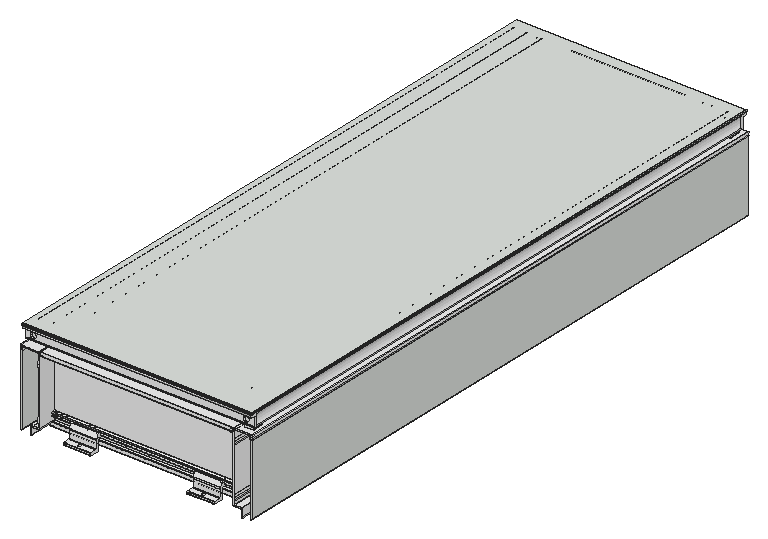
Revit family "Furniture-Mirror_Cabinet-KOHLER-VERDERA-K-26382T_1", category Casework, host Face, Revit 2021
Family settings
  Host = Face
  OmniClass Number = 23.21.23.17.11
  OmniClass Title = Residential Cabinet
  Cut with Voids When Loaded = No
  Shared = No
  Room Calculation Point = No
Parameters (values of type "NA-Mild Silver")
  Width = 11 13/16"  # constant formula
  WaterSense Certified = 1 = 0  # no
  URL = "http://www.kohler.com.cn/"
  Type = 1
  Product Page URL = "https://www.kohler.com.cn/product/K-26382T-NA/K-26382T-NA/"
  Product Name = "Verdera"  # constant formula
  Product Documentation Link = "https://files.kohler.com.cn/pdfs/1604632419058_%E6%96%B0%E7%BB%B4%E4%B9%902.0%E9%95%9C%E6%9F%9C%E9%93%B6%E8%89%B2%E7%89%88%E5%AE%89%E8%A3%85%E8%AF%B4%E6%98%8E%E4%B9%A6.pdf"
  Model = if(Type = 1, "K-26382T-NA", "NA")  # "K-26382T-NA"
  Material = "Aluminium"  # constant formula
  Master Format 2014 Name = "Bathroom Casework"  # constant formula
  Master Format 2014 = "12 35 30.23"  # constant formula
  Manufacturer Address = "Kohler Beijing Office (100016) 36-2-03-B, No. 88, Liuxiang Road, Beijing"  # constant formula
  Manufacturer = "Kohler Co."  # constant formula
  Product Finish = KOHLER-Metal-NA-Mild_Silver
  Height = 31 127/256"  # constant formula
  Hardware Included = 0 = 1  # no
  Finish = "KOHLER-Metal-NA-Mild_Silver"  # constant formula
  Environmental Product Declaration = ""
  Description = "2.0 Mirror Cabinet (300MM, Silver, Side Cabinet)"  # constant formula
  Depth = 4 237/256"  # constant formula
  Default Elevation = 60"
  Declare Label = ""
  Date Modified = "07/27/2022"  # constant formula
  Date Created = "07/27/2022"  # constant formula
  Copyright = "Copyright Kohler Co."  # constant formula
  Contact Us = "http://www.kohler.com.cn/contact/contact-us/"
  Construction Type = "Wall Mount"  # constant formula
  Assembly Code = "E2010.30"
  ADA Compliant = 1 = 0  # no
Reference planes (in)
  plane 1 "Center (Front/Back)": y = 0
  plane 2: z = 0
  plane 3 "Center (Left/Right)": x = 0
  plane 4: y = 15.74803
  plane 5: y = -15.74806
  plane 6: x = -5.90551
  plane 7: x = 5.90699
  plane 8: x = -5.84646
  plane 9: x = 5.84646
  plane 10: x = 5.90551
  plane 11: z = 4.92578
  plane 12: z = 3.35236
  plane 13: z = 0.22632
  plane 14: z = 0.08467
  plane 15: z = 3.94291
Dimensions and locks (in)
  "Height": plane 4 to plane 5
  "Width": plane 6 to plane 7
  plane 11 to plane 13 = 4.69946"
  "Depth": plane 11 to level
  aligned and locked: plane 2 to host face
  aligned and locked: level to host face
Automatic sketch dimensions
  host sketch curve to host sketch curve = 96"  (x2)
Nested families (in)
  nested 1: "K-26382T" at (0, 0, 0), type "K-26382T"
Definition of nested family "K-26382T"
  Parameters
    Material = none
    Default Elevation = 0"
  Reference planes (in)
    plane 1 "Center (Front/Back)": y = 0
    plane 2: z = 0
    plane 3 "Center (Left/Right)": x = 0
    plane 4: y = 15.74803
    plane 5: y = -15.74803
    plane 6: x = 5.90551
    plane 7: x = -5.90551
    plane 8: z = 4.92717
    plane 9: x = -5.7874
    plane 10: x = 5.7874
    plane 11 "A": z = 3.35236
  Forms (in)
    Extrusion 1, solid
      sketch origin (0, 0, 0) x (1, 0, 0) y (0, 0, 1)
        loop
          line (5.84646, 4.84055) -> (5.84646, 4.89567) -> (-5.84646, 4.89567) -> (-5.84646, 4.84055) -> (5.84646, 4.84055)
      from -15.74803 to 15.74803
    Blend 2, solid
      base sketch origin (0, 0, 0) x (1, 0, 0) y (0, 1, 0)
        loop
          line (-5.84646, 15.74803) -> (-5.84646, -15.74803) -> (5.84646, -15.74803) -> (5.84646, 15.74803) -> (-5.84646, 15.74803)
      top sketch origin (0, 0, 0) x (1, 0, 0) y (0, 1, 0)
        loop
          line (-5.81496, 15.71654) -> (-5.81496, -15.71654) -> (5.81496, -15.71654) -> (5.81496, 15.71654) -> (-5.81496, 15.71654)
      from 4.89567 to 4.92717
    Blend 3, solid
      base sketch origin (0, 0, 0) x (1, 0, 0) y (0, 1, 0)
        loop
          line (-5.84646, 15.74803) -> (-5.84646, -15.74803) -> (5.84646, -15.74803) -> (5.84646, 15.74803) -> (-5.84646, 15.74803)
      top sketch origin (0, 0, 0) x (1, 0, 0) y (0, 1, 0)
        loop
          line (-5.81496, 15.71654) -> (-5.81496, -15.71654) -> (5.81496, -15.71654) -> (5.81496, 15.71654) -> (-5.81496, 15.71654)
      from 4.84055 to 4.80906
    Extrusion 4, solid, material <- "Material", detail levels medium+fine
      sketch origin (0, 0, 3.94291) x (0, 1, 0) y (0, 0, 1)
        loop
          line (-15.41339, 0.83465) -> (-15.66201, 0.83465)
          arc (-15.66201, 0.83465) -> (-15.71122, 0.78543) -> (-15.66201, 0.73622) r 0.04921
          line (-15.66201, 0.73622) -> (-15.54967, 0.73622)
          arc (-15.54967, 0.73622) -> (-15.5229, 0.72513) -> (-15.51181, 0.69837) r 0.03785
          line (-15.51181, 0.69837) -> (-15.51181, 0.2521)
          arc (-15.51181, 0.2521) -> (-15.4626, 0.20289) -> (-15.41339, 0.2521) r 0.04921
          line (-15.41339, 0.2521) -> (-15.41339, 0.83465)
        loop
          line (15.41339, 0.83465) -> (15.41339, 0.2521)
          arc (15.41339, 0.2521) -> (15.4626, 0.20289) -> (15.51181, 0.2521) r 0.04921
          line (15.51181, 0.2521) -> (15.51181, 0.69837)
          arc (15.51181, 0.69837) -> (15.5229, 0.72513) -> (15.54967, 0.73622) r 0.03785
          line (15.54967, 0.73622) -> (15.66201, 0.73622)
          arc (15.66201, 0.73622) -> (15.71122, 0.78543) -> (15.66201, 0.83465) r 0.04921
          line (15.66201, 0.83465) -> (15.41339, 0.83465)
      from -5.80709 to 5.80709
    Extrusion 5, solid, material <- "Material", detail levels medium+fine
      sketch origin (0, 0, 0) x (1, 0, 0) y (0, 0, 1)
        loop
          line (-5.84252, 3.87992) -> (-5.00455, 3.87992)
          arc (-5.00455, 3.87992) -> (-4.9902, 3.87398) -> (-4.98425, 3.85962) r 0.0203
          line (-4.98425, 3.85962) -> (-4.98425, 3.50394) -> (-4.99606, 3.47149) -> (-4.99606, 3.36024) -> (-4.96575, 3.35268) -> (-4.99606, 3.34449) -> (-4.99606, 3.23324) -> (-4.98425, 3.20079) -> (-4.98425, 0.94488) -> (-4.99606, 0.91243) -> (-4.99606, 0.80118) -> (-4.96623, 0.79374) -> (-4.99606, 0.78543) -> (-4.99606, 0.67418) -> (-4.98425, 0.64173) -> (-4.98425, 0.48438)
          arc (-4.98425, 0.48438) -> (-4.99063, 0.46898) -> (-5.00603, 0.4626) r 0.02178
          line (-5.00603, 0.4626) -> (-5.37231, 0.4626)
          arc (-5.37231, 0.4626) -> (-5.38744, 0.45633) -> (-5.3937, 0.44121) r 0.02139
          line (-5.3937, 0.44121) -> (-5.3937, 0.03674)
          arc (-5.3937, 0.03674) -> (-5.3622, 0.00524) -> (-5.33071, 0.03674) r 0.0315
          line (-5.33071, 0.03674) -> (-5.33071, 0.37922)
          arc (-5.33071, 0.37922) -> (-5.32474, 0.39363) -> (-5.31032, 0.39961) r 0.02039
          line (-5.31032, 0.39961) -> (-4.94184, 0.39961)
          arc (-4.94184, 0.39961) -> (-4.92729, 0.40563) -> (-4.92126, 0.42018) r 0.02058
          line (-4.92126, 0.42018) -> (-4.92126, 3.92223)
          arc (-4.92126, 3.92223) -> (-4.92732, 3.93686) -> (-4.94194, 3.94291) r 0.02068
          line (-4.94194, 3.94291) -> (-5.8855, 3.94291)
          arc (-5.8855, 3.94291) -> (-5.89965, 3.93705) -> (-5.90551, 3.9229) r 0.02001
          line (-5.90551, 3.9229) -> (-5.90551, 3.76605)
          arc (-5.90551, 3.76605) -> (-5.89966, 3.75192) -> (-5.88552, 3.74606) r 0.01999
          line (-5.88552, 3.74606) -> (-5.78705, 3.74606)
          arc (-5.78705, 3.74606) -> (-5.75555, 3.77756) -> (-5.78705, 3.80906) r 0.0315
          line (-5.78705, 3.80906) -> (-5.82052, 3.80906)
          arc (-5.82052, 3.80906) -> (-5.83608, 3.8155) -> (-5.84252, 3.83105) r 0.022
          line (-5.84252, 3.83105) -> (-5.84252, 3.87992)
        loop
          line (5.84252, 3.87992) -> (5.84252, 3.83105)
          arc (5.84252, 3.83105) -> (5.83608, 3.8155) -> (5.82052, 3.80906) r 0.022
          line (5.82052, 3.80906) -> (5.78705, 3.80906)
          arc (5.78705, 3.80906) -> (5.75555, 3.77756) -> (5.78705, 3.74606) r 0.0315
          line (5.78705, 3.74606) -> (5.88552, 3.74606)
          arc (5.88552, 3.74606) -> (5.89966, 3.75192) -> (5.90551, 3.76605) r 0.01999
          line (5.90551, 3.76605) -> (5.90551, 3.9229)
          arc (5.90551, 3.9229) -> (5.89965, 3.93705) -> (5.8855, 3.94291) r 0.02001
          line (5.8855, 3.94291) -> (4.94194, 3.94291)
          arc (4.94194, 3.94291) -> (4.92732, 3.93686) -> (4.92126, 3.92223) r 0.02068
          line (4.92126, 3.92223) -> (4.92126, 0.42018)
          arc (4.92126, 0.42018) -> (4.92729, 0.40563) -> (4.94184, 0.39961) r 0.02058
          line (4.94184, 0.39961) -> (5.31032, 0.39961)
          arc (5.31032, 0.39961) -> (5.32474, 0.39363) -> (5.33071, 0.37922) r 0.02039
          line (5.33071, 0.37922) -> (5.33071, 0.03674)
          arc (5.33071, 0.03674) -> (5.3622, 0.00524) -> (5.3937, 0.03674) r 0.0315
          line (5.3937, 0.03674) -> (5.3937, 0.44121)
          arc (5.3937, 0.44121) -> (5.38744, 0.45633) -> (5.37231, 0.4626) r 0.02139
          line (5.37231, 0.4626) -> (5.00603, 0.4626)
          arc (5.00603, 0.4626) -> (4.99063, 0.46898) -> (4.98425, 0.48438) r 0.02178
          line (4.98425, 0.48438) -> (4.98425, 0.64173) -> (4.99606, 0.67418) -> (4.99606, 0.78543) -> (4.96623, 0.79374) -> (4.99606, 0.80118) -> (4.99606, 0.91243) -> (4.98425, 0.94488) -> (4.98425, 3.20079) -> (4.99606, 3.23324) -> (4.99606, 3.34449) -> (4.96575, 3.35268) -> (4.99606, 3.36024) -> (4.99606, 3.47149) -> (4.98425, 3.50394) -> (4.98425, 3.85962)
          arc (4.98425, 3.85962) -> (4.9902, 3.87398) -> (5.00455, 3.87992) r 0.0203
          line (5.00455, 3.87992) -> (5.84252, 3.87992)
      from -15.74803 to 15.74803
    Extrusion 6, solid
      sketch origin (0, 0, 0) x (1, 0, 0) y (0, 0, 1)
        loop
          line (-5.7874, 3.70669) -> (-5.82677, 3.74606) -> (-5.86614, 3.74606) -> (-5.90551, 3.70669) -> (-5.90551, 0.12402) -> (-5.86614, 0.08465) -> (-5.82677, 0.08465) -> (-5.7874, 0.12402) -> (-5.7874, 3.70669)
        loop
          line (5.7874, 3.70669) -> (5.7874, 0.12402) -> (5.82677, 0.08465) -> (5.86614, 0.08465) -> (5.90551, 0.12402) -> (5.90551, 3.70669) -> (5.86614, 3.74606) -> (5.82677, 3.74606) -> (5.7874, 3.70669)
      from -15.74803 to 15.74803
    Extrusion 7, solid, material <- "Material", detail levels medium+fine
      sketch origin (0, 0, 0) x (1, 0, 0) y (0, 0, 1)
        loop
          line (5.77688, 4.77756) -> (3.89862, 4.77756)
          arc (3.89862, 4.77756) -> (3.88401, 4.77151) -> (3.87795, 4.75689) r 0.02067
          line (3.87795, 4.75689) -> (3.87795, 4.31825)
          arc (3.87795, 4.31825) -> (3.8841, 4.3034) -> (3.89896, 4.29724) r 0.021
          line (3.89896, 4.29724) -> (4.28553, 4.29724)
          arc (4.28553, 4.29724) -> (4.29938, 4.29151) -> (4.30512, 4.27765) r 0.01959
          line (4.30512, 4.27765) -> (4.30512, 4.16778)
          arc (4.30512, 4.16778) -> (4.31102, 4.15354) -> (4.32526, 4.14764) r 0.02014
          line (4.32526, 4.14764) -> (4.46993, 4.14764)
          arc (4.46993, 4.14764) -> (4.49552, 4.17323) -> (4.46993, 4.19882) r 0.02559
          line (4.46993, 4.19882) -> (4.37689, 4.19882)
          arc (4.37689, 4.19882) -> (4.36233, 4.20485) -> (4.3563, 4.21941) r 0.02059
          line (4.3563, 4.21941) -> (4.3563, 4.70676)
          arc (4.3563, 4.70676) -> (4.36205, 4.72063) -> (4.37592, 4.72638) r 0.01962
          line (4.37592, 4.72638) -> (4.49775, 4.72638)
          arc (4.49775, 4.72638) -> (4.51187, 4.72053) -> (4.51772, 4.70641) r 0.01997
          line (4.51772, 4.70641) -> (4.51772, 4.53005)
          arc (4.51772, 4.53005) -> (4.55709, 4.49068) -> (4.59646, 4.53005) r 0.03937
          line (4.59646, 4.53005) -> (4.59646, 4.70484)
          arc (4.59646, 4.70484) -> (4.60276, 4.72007) -> (4.61799, 4.72638) r 0.02154
          line (4.61799, 4.72638) -> (5.04866, 4.72638)
          arc (5.04866, 4.72638) -> (5.06297, 4.72045) -> (5.0689, 4.70614) r 0.02024
          line (5.0689, 4.70614) -> (5.0689, 4.5245)
          arc (5.0689, 4.5245) -> (5.10827, 4.48513) -> (5.14764, 4.5245) r 0.03937
          line (5.14764, 4.5245) -> (5.14764, 4.70519)
          arc (5.14764, 4.70519) -> (5.15384, 4.72017) -> (5.16882, 4.72638) r 0.02119
          line (5.16882, 4.72638) -> (5.2839, 4.72638)
          arc (5.2839, 4.72638) -> (5.2989, 4.72016) -> (5.30512, 4.70516) r 0.02122
          line (5.30512, 4.70516) -> (5.30512, 4.21893)
          arc (5.30512, 4.21893) -> (5.29923, 4.20471) -> (5.28501, 4.19882) r 0.02011
          line (5.28501, 4.19882) -> (4.87343, 4.19882)
          arc (4.87343, 4.19882) -> (4.84784, 4.17323) -> (4.87343, 4.14764) r 0.02559
          line (4.87343, 4.14764) -> (5.77636, 4.14764)
          arc (5.77636, 4.14764) -> (5.80287, 4.16248) -> (5.80408, 4.19284) r 0.0311
          arc (5.80408, 4.19284) -> (5.73936, 4.46285) -> (5.8043, 4.7328) r 0.59461
          arc (5.8043, 4.7328) -> (5.80313, 4.76286) -> (5.77688, 4.77756) r 0.03078
        loop
          arc (5.3563, 4.52348) -> (5.36386, 4.50846) -> (5.38044, 4.5056) r 0.01869
          arc (5.38044, 4.5056) -> (5.43658, 4.50767) -> (5.4864, 4.48171) r 0.10984
          arc (5.4864, 4.48171) -> (5.48786, 4.44702) -> (5.45316, 4.44586) r 0.02445
          arc (5.45316, 4.44586) -> (5.35437, 4.40304) -> (5.45343, 4.36083) r 0.0586
          arc (5.45343, 4.36083) -> (5.48647, 4.36036) -> (5.48658, 4.32731) r 0.02358
          arc (5.48658, 4.32731) -> (5.43853, 4.29979) -> (5.38319, 4.30174) r 0.10104
          arc (5.38319, 4.30174) -> (5.36476, 4.2988) -> (5.3563, 4.28218) r 0.02056
          line (5.3563, 4.28218) -> (5.3563, 4.21926)
          arc (5.3563, 4.21926) -> (5.36229, 4.20481) -> (5.37674, 4.19882) r 0.02044
          line (5.37674, 4.19882) -> (5.71837, 4.19882)
          arc (5.71837, 4.19882) -> (5.73411, 4.20727) -> (5.73576, 4.22506) r 0.01888
          arc (5.73576, 4.22506) -> (5.68774, 4.46077) -> (5.73511, 4.69662) r 0.60669
          arc (5.73511, 4.69662) -> (5.7332, 4.7168) -> (5.71534, 4.72638) r 0.02145
          line (5.71534, 4.72638) -> (5.37743, 4.72638)
          arc (5.37743, 4.72638) -> (5.36249, 4.72019) -> (5.3563, 4.70525) r 0.02113
          line (5.3563, 4.70525) -> (5.3563, 4.52348)
        loop
          arc (3.94892, 4.72638) -> (3.93493, 4.72058) -> (3.92913, 4.7066) r 0.01978
          line (3.92913, 4.7066) -> (3.92913, 4.52558)
          arc (3.92913, 4.52558) -> (3.94106, 4.50549) -> (3.9644, 4.50635) r 0.02287
          arc (3.9644, 4.50635) -> (3.99208, 4.50818) -> (4.00829, 4.48566) r 0.0286
          arc (4.00829, 4.48566) -> (4.00328, 4.47) -> (3.98817, 4.46351) r 0.01983
          arc (3.98817, 4.46351) -> (3.9424, 4.36054) -> (4.04786, 4.40023) r 0.06108
          arc (4.04786, 4.40023) -> (4.0826, 4.4255) -> (4.09889, 4.38575) r 0.0273
          arc (4.09889, 4.38575) -> (4.09902, 4.36084) -> (4.12061, 4.34843) r 0.02499
          line (4.12061, 4.34843) -> (4.28358, 4.34843)
          arc (4.28358, 4.34843) -> (4.29881, 4.35473) -> (4.30512, 4.36996) r 0.02153
          line (4.30512, 4.36996) -> (4.30512, 4.70516)
          arc (4.30512, 4.70516) -> (4.2989, 4.72016) -> (4.2839, 4.72638) r 0.02121
          line (4.2839, 4.72638) -> (3.94892, 4.72638)
        loop
          arc (-5.77688, 4.77756) -> (-5.80313, 4.76286) -> (-5.8043, 4.7328) r 0.03078
          arc (-5.8043, 4.7328) -> (-5.73936, 4.46285) -> (-5.80408, 4.19284) r 0.59461
          arc (-5.80408, 4.19284) -> (-5.80287, 4.16248) -> (-5.77636, 4.14764) r 0.0311
          line (-5.77636, 4.14764) -> (-4.87343, 4.14764)
          arc (-4.87343, 4.14764) -> (-4.84784, 4.17323) -> (-4.87343, 4.19882) r 0.02559
          line (-4.87343, 4.19882) -> (-5.28501, 4.19882)
          arc (-5.28501, 4.19882) -> (-5.29923, 4.20471) -> (-5.30512, 4.21893) r 0.02011
          line (-5.30512, 4.21893) -> (-5.30512, 4.70516)
          arc (-5.30512, 4.70516) -> (-5.2989, 4.72016) -> (-5.2839, 4.72638) r 0.02122
          line (-5.2839, 4.72638) -> (-5.16882, 4.72638)
          arc (-5.16882, 4.72638) -> (-5.15384, 4.72017) -> (-5.14764, 4.70519) r 0.02119
          line (-5.14764, 4.70519) -> (-5.14764, 4.5245)
          arc (-5.14764, 4.5245) -> (-5.10827, 4.48513) -> (-5.0689, 4.5245) r 0.03937
          line (-5.0689, 4.5245) -> (-5.0689, 4.70614)
          arc (-5.0689, 4.70614) -> (-5.06297, 4.72045) -> (-5.04866, 4.72638) r 0.02024
          line (-5.04866, 4.72638) -> (-4.61799, 4.72638)
          arc (-4.61799, 4.72638) -> (-4.60276, 4.72007) -> (-4.59646, 4.70484) r 0.02154
          line (-4.59646, 4.70484) -> (-4.59646, 4.53005)
          arc (-4.59646, 4.53005) -> (-4.55709, 4.49068) -> (-4.51772, 4.53005) r 0.03937
          line (-4.51772, 4.53005) -> (-4.51772, 4.70641)
          arc (-4.51772, 4.70641) -> (-4.51187, 4.72053) -> (-4.49775, 4.72638) r 0.01997
          line (-4.49775, 4.72638) -> (-4.37592, 4.72638)
          arc (-4.37592, 4.72638) -> (-4.36205, 4.72063) -> (-4.3563, 4.70676) r 0.01962
          line (-4.3563, 4.70676) -> (-4.3563, 4.21941)
          arc (-4.3563, 4.21941) -> (-4.36233, 4.20485) -> (-4.37689, 4.19882) r 0.02059
          line (-4.37689, 4.19882) -> (-4.46993, 4.19882)
          arc (-4.46993, 4.19882) -> (-4.49552, 4.17323) -> (-4.46993, 4.14764) r 0.02559
          line (-4.46993, 4.14764) -> (-4.32526, 4.14764)
          arc (-4.32526, 4.14764) -> (-4.31102, 4.15354) -> (-4.30512, 4.16778) r 0.02014
          line (-4.30512, 4.16778) -> (-4.30512, 4.27765)
          arc (-4.30512, 4.27765) -> (-4.29938, 4.29151) -> (-4.28553, 4.29724) r 0.01959
          line (-4.28553, 4.29724) -> (-3.89896, 4.29724)
          arc (-3.89896, 4.29724) -> (-3.8841, 4.3034) -> (-3.87795, 4.31825) r 0.021
          line (-3.87795, 4.31825) -> (-3.87795, 4.75689)
          arc (-3.87795, 4.75689) -> (-3.88401, 4.77151) -> (-3.89862, 4.77756) r 0.02067
          line (-3.89862, 4.77756) -> (-5.77688, 4.77756)
        loop
          line (-5.3563, 4.52348) -> (-5.3563, 4.70525)
          arc (-5.3563, 4.70525) -> (-5.36249, 4.72019) -> (-5.37743, 4.72638) r 0.02113
          line (-5.37743, 4.72638) -> (-5.71534, 4.72638)
          arc (-5.71534, 4.72638) -> (-5.7332, 4.7168) -> (-5.73511, 4.69662) r 0.02145
          arc (-5.73511, 4.69662) -> (-5.68774, 4.46077) -> (-5.73576, 4.22506) r 0.60669
          arc (-5.73576, 4.22506) -> (-5.73411, 4.20727) -> (-5.71837, 4.19882) r 0.01888
          line (-5.71837, 4.19882) -> (-5.37674, 4.19882)
          arc (-5.37674, 4.19882) -> (-5.36229, 4.20481) -> (-5.3563, 4.21926) r 0.02044
          line (-5.3563, 4.21926) -> (-5.3563, 4.28218)
          arc (-5.3563, 4.28218) -> (-5.36476, 4.2988) -> (-5.38319, 4.30174) r 0.02056
          arc (-5.38319, 4.30174) -> (-5.43853, 4.29979) -> (-5.48658, 4.32731) r 0.10104
          arc (-5.48658, 4.32731) -> (-5.48647, 4.36036) -> (-5.45343, 4.36083) r 0.02358
          arc (-5.45343, 4.36083) -> (-5.35437, 4.40304) -> (-5.45316, 4.44586) r 0.0586
          arc (-5.45316, 4.44586) -> (-5.48786, 4.44702) -> (-5.4864, 4.48171) r 0.02445
          arc (-5.4864, 4.48171) -> (-5.43658, 4.50767) -> (-5.38044, 4.5056) r 0.10984
          arc (-5.38044, 4.5056) -> (-5.36386, 4.50846) -> (-5.3563, 4.52348) r 0.01869
        loop
          line (-3.94892, 4.72638) -> (-4.2839, 4.72638)
          arc (-4.2839, 4.72638) -> (-4.2989, 4.72016) -> (-4.30512, 4.70516) r 0.02121
          line (-4.30512, 4.70516) -> (-4.30512, 4.36996)
          arc (-4.30512, 4.36996) -> (-4.29881, 4.35473) -> (-4.28358, 4.34843) r 0.02153
          line (-4.28358, 4.34843) -> (-4.12061, 4.34843)
          arc (-4.12061, 4.34843) -> (-4.09902, 4.36084) -> (-4.09889, 4.38575) r 0.02499
          arc (-4.09889, 4.38575) -> (-4.0826, 4.4255) -> (-4.04786, 4.40023) r 0.0273
          arc (-4.04786, 4.40023) -> (-3.9424, 4.36054) -> (-3.98817, 4.46351) r 0.06108
          arc (-3.98817, 4.46351) -> (-4.00328, 4.47) -> (-4.00829, 4.48566) r 0.01983
          arc (-4.00829, 4.48566) -> (-3.99208, 4.50818) -> (-3.9644, 4.50635) r 0.0286
          arc (-3.9644, 4.50635) -> (-3.94106, 4.50549) -> (-3.92913, 4.52558) r 0.02287
          line (-3.92913, 4.52558) -> (-3.92913, 4.7066)
          arc (-3.92913, 4.7066) -> (-3.93493, 4.72058) -> (-3.94892, 4.72638) r 0.01978
      from -15.41339 to 15.3937
    Extrusion 8, solid, material <- "Material", detail levels medium+fine
      sketch origin (0, 0, 0) x (0, 1, 0) y (0, 0, 1)
        loop
          line (-15.41339, 4.77756) -> (-15.41339, 4.70669)
          arc (-15.41339, 4.70669) -> (-15.40055, 4.72354) -> (-15.37955, 4.72638) r 0.02768
          line (-15.37955, 4.72638) -> (-15.37955, 4.77756) -> (-15.41339, 4.77756)
        loop
          line (-15.41339, 4.36811) -> (-15.41339, 4.27756)
          arc (-15.41339, 4.27756) -> (-15.40445, 4.29472) -> (-15.38527, 4.29724) r 0.02095
          line (-15.38527, 4.29724) -> (-15.38527, 4.34843)
          arc (-15.38527, 4.34843) -> (-15.40445, 4.35095) -> (-15.41339, 4.36811) r 0.02095
        loop
          line (15.41339, 4.77756) -> (15.37955, 4.77756) -> (15.37955, 4.72638)
          arc (15.37955, 4.72638) -> (15.40055, 4.72354) -> (15.41339, 4.70669) r 0.02768
          line (15.41339, 4.70669) -> (15.41339, 4.77756)
        loop
          arc (15.41339, 4.36811) -> (15.40445, 4.35095) -> (15.38527, 4.34843) r 0.02095
          line (15.38527, 4.34843) -> (15.38527, 4.29724)
          arc (15.38527, 4.29724) -> (15.40445, 4.29472) -> (15.41339, 4.27756) r 0.02095
          line (15.41339, 4.27756) -> (15.41339, 4.36811)
      from -2.81496 to 3.72047
    Extrusion 9, solid, material <- "Material", detail levels medium+fine
      sketch origin (0, 0, 0) x (0, 1, 0) y (0, 0, 1)
        loop
          line (-14.82677, 3.85925) -> (-14.82677, 3.46888)
          arc (-14.82677, 3.46888) -> (-14.83776, 3.45059) -> (-14.85907, 3.45169) r 0.02072
          arc (-14.85907, 3.45169) -> (-14.93502, 3.47013) -> (-15.00465, 3.43464) r 0.11251
          arc (-15.00465, 3.43464) -> (-15.00363, 3.39447) -> (-14.96345, 3.39425) r 0.02886
          arc (-14.96345, 3.39425) -> (-14.86282, 3.35168) -> (-14.96296, 3.30796) r 0.05947
          arc (-14.96296, 3.30796) -> (-15.00361, 3.30679) -> (-15.00274, 3.26613) r 0.02886
          arc (-15.00274, 3.26613) -> (-14.93191, 3.23356) -> (-14.85623, 3.25224) r 0.11804
          arc (-14.85623, 3.25224) -> (-14.83675, 3.25304) -> (-14.82677, 3.23629) r 0.01905
          line (-14.82677, 3.23629) -> (-14.82677, 0.90852)
          arc (-14.82677, 0.90852) -> (-14.83675, 0.89177) -> (-14.85623, 0.89257) r 0.01905
          arc (-14.85623, 0.89257) -> (-14.93191, 0.91125) -> (-15.00274, 0.87868) r 0.11804
          arc (-15.00274, 0.87868) -> (-15.00361, 0.83802) -> (-14.96296, 0.83685) r 0.02886
          arc (-14.96296, 0.83685) -> (-14.86282, 0.79313) -> (-14.96345, 0.75056) r 0.05947
          arc (-14.96345, 0.75056) -> (-15.00363, 0.75034) -> (-15.00465, 0.71017) r 0.02886
          arc (-15.00465, 0.71017) -> (-14.93502, 0.67468) -> (-14.85907, 0.69312) r 0.11251
          arc (-14.85907, 0.69312) -> (-14.83776, 0.69422) -> (-14.82677, 0.67593) r 0.02072
          line (-14.82677, 0.67593) -> (-14.82677, 0.4626) -> (-15.01746, 0.4626)
          arc (-15.01746, 0.4626) -> (-15.03295, 0.45618) -> (-15.03937, 0.44068) r 0.02191
          line (-15.03937, 0.44068) -> (-15.03937, 0.26847)
          arc (-15.03937, 0.26847) -> (-15.00984, 0.23894) -> (-14.98031, 0.26847) r 0.02953
          line (-14.98031, 0.26847) -> (-14.98031, 0.37922)
          arc (-14.98031, 0.37922) -> (-14.97434, 0.39363) -> (-14.95993, 0.39961) r 0.02039
          line (-14.95993, 0.39961) -> (-14.51499, 0.39961)
          arc (-14.51499, 0.39961) -> (-14.48349, 0.4311) -> (-14.51499, 0.4626) r 0.0315
          line (-14.51499, 0.4626) -> (-14.74335, 0.4626)
          arc (-14.74335, 0.4626) -> (-14.7578, 0.46858) -> (-14.76378, 0.48302) r 0.02043
          line (-14.76378, 0.48302) -> (-14.76378, 3.92245)
          arc (-14.76378, 3.92245) -> (-14.76977, 3.93692) -> (-14.78425, 3.94291) r 0.02047
          line (-14.78425, 3.94291) -> (-15.72751, 3.94291)
          arc (-15.72751, 3.94291) -> (-15.74202, 3.9369) -> (-15.74803, 3.92239) r 0.02052
          line (-15.74803, 3.92239) -> (-15.74803, 3.76711)
          arc (-15.74803, 3.76711) -> (-15.74187, 3.75223) -> (-15.72698, 3.74606) r 0.02105
          line (-15.72698, 3.74606) -> (-15.62724, 3.74606)
          arc (-15.62724, 3.74606) -> (-15.59574, 3.77756) -> (-15.62724, 3.80906) r 0.0315
          line (-15.62724, 3.80906) -> (-15.66192, 3.80906)
          arc (-15.66192, 3.80906) -> (-15.69735, 3.84449) -> (-15.66192, 3.87992) r 0.03543
          line (-15.66192, 3.87992) -> (-14.84744, 3.87992)
          arc (-14.84744, 3.87992) -> (-14.83283, 3.87387) -> (-14.82677, 3.85925) r 0.02067
        loop
          arc (14.82677, 3.85925) -> (14.83283, 3.87387) -> (14.84744, 3.87992) r 0.02067
          line (14.84744, 3.87992) -> (15.66192, 3.87992)
          arc (15.66192, 3.87992) -> (15.69735, 3.84449) -> (15.66192, 3.80906) r 0.03543
          line (15.66192, 3.80906) -> (15.62724, 3.80906)
          arc (15.62724, 3.80906) -> (15.59574, 3.77756) -> (15.62724, 3.74606) r 0.0315
          line (15.62724, 3.74606) -> (15.72698, 3.74606)
          arc (15.72698, 3.74606) -> (15.74187, 3.75223) -> (15.74803, 3.76711) r 0.02105
          line (15.74803, 3.76711) -> (15.74803, 3.92239)
          arc (15.74803, 3.92239) -> (15.74202, 3.9369) -> (15.72751, 3.94291) r 0.02052
          line (15.72751, 3.94291) -> (14.78425, 3.94291)
          arc (14.78425, 3.94291) -> (14.76977, 3.93692) -> (14.76378, 3.92245) r 0.02047
          line (14.76378, 3.92245) -> (14.76378, 0.48302)
          arc (14.76378, 0.48302) -> (14.7578, 0.46858) -> (14.74335, 0.4626) r 0.02043
          line (14.74335, 0.4626) -> (14.51499, 0.4626)
          arc (14.51499, 0.4626) -> (14.48349, 0.4311) -> (14.51499, 0.39961) r 0.0315
          line (14.51499, 0.39961) -> (14.95993, 0.39961)
          arc (14.95993, 0.39961) -> (14.97434, 0.39363) -> (14.98031, 0.37922) r 0.02039
          line (14.98031, 0.37922) -> (14.98031, 0.26847)
          arc (14.98031, 0.26847) -> (15.00984, 0.23894) -> (15.03937, 0.26847) r 0.02953
          line (15.03937, 0.26847) -> (15.03937, 0.44068)
          arc (15.03937, 0.44068) -> (15.03295, 0.45618) -> (15.01746, 0.4626) r 0.02191
          line (15.01746, 0.4626) -> (14.82677, 0.4626) -> (14.82677, 0.67593)
          arc (14.82677, 0.67593) -> (14.83776, 0.69422) -> (14.85907, 0.69312) r 0.02072
          arc (14.85907, 0.69312) -> (14.93502, 0.67468) -> (15.00465, 0.71017) r 0.11251
          arc (15.00465, 0.71017) -> (15.00363, 0.75034) -> (14.96345, 0.75056) r 0.02886
          arc (14.96345, 0.75056) -> (14.86282, 0.79313) -> (14.96296, 0.83685) r 0.05947
          arc (14.96296, 0.83685) -> (15.00361, 0.83802) -> (15.00274, 0.87868) r 0.02886
          arc (15.00274, 0.87868) -> (14.93191, 0.91125) -> (14.85623, 0.89257) r 0.11804
          arc (14.85623, 0.89257) -> (14.83675, 0.89177) -> (14.82677, 0.90852) r 0.01905
          line (14.82677, 0.90852) -> (14.82677, 3.23629)
          arc (14.82677, 3.23629) -> (14.83675, 3.25304) -> (14.85623, 3.25224) r 0.01905
          arc (14.85623, 3.25224) -> (14.93191, 3.23356) -> (15.00274, 3.26613) r 0.11804
          arc (15.00274, 3.26613) -> (15.00361, 3.30679) -> (14.96296, 3.30796) r 0.02886
          arc (14.96296, 3.30796) -> (14.86282, 3.35168) -> (14.96345, 3.39425) r 0.05947
          arc (14.96345, 3.39425) -> (15.00363, 3.39447) -> (15.00465, 3.43464) r 0.02886
          arc (15.00465, 3.43464) -> (14.93502, 3.47013) -> (14.85907, 3.45169) r 0.11251
          arc (14.85907, 3.45169) -> (14.83776, 3.45059) -> (14.82677, 3.46888) r 0.02072
          line (14.82677, 3.46888) -> (14.82677, 3.85925)
      from -4.92126 to 4.92126
    Extrusion 10, solid, material <- "Material", detail levels medium+fine
      sketch origin (0, 0, 0) x (1, 0, 0) y (0, 0, 1)
        loop
          line (5.23228, 0.37598) -> (-5.27953, 0.37598) -> (-5.3189, 0.33661) -> (-5.3189, 0.29724) -> (-5.27953, 0.25787) -> (5.23228, 0.25787) -> (5.27165, 0.29724) -> (5.27165, 0.33661) -> (5.23228, 0.37598)
      from -14.92126 to 14.96063
    Extrusion 11, solid, material <- "Material", detail levels medium+fine
      sketch origin (0, 0, 0) x (1, 0, 0) y (0, 1, 0)
        loop
          line (5.72441, 10.23622) -> (5.76378, 10.23622) -> (5.76378, 10.94514)
          arc (5.76378, 10.94514) -> (5.7427, 10.99935) -> (5.69053, 11.02508) r 0.08025
          line (5.69053, 11.02508) -> (5.69053, 10.98544)
          arc (5.69053, 10.98544) -> (5.7148, 10.97163) -> (5.72441, 10.94542) r 0.04058
          line (5.72441, 10.94542) -> (5.72441, 10.23622)
        loop
          line (5.72441, 13.38583) -> (5.72441, 12.67615)
          arc (5.72441, 12.67615) -> (5.71389, 12.64909) -> (5.68785, 12.63625) r 0.04005
          line (5.68785, 12.63625) -> (5.68785, 12.59691)
          arc (5.68785, 12.59691) -> (5.74163, 12.62008) -> (5.76378, 12.67429) r 0.07739
          line (5.76378, 12.67429) -> (5.76378, 13.38583) -> (5.72441, 13.38583)
        loop
          line (-5.72441, 10.23622) -> (-5.72441, 10.94542)
          arc (-5.72441, 10.94542) -> (-5.71375, 10.97283) -> (-5.68737, 10.98584) r 0.04058
          line (-5.68737, 10.98584) -> (-5.68737, 11.0253)
          arc (-5.68737, 11.0253) -> (-5.74162, 11.00051) -> (-5.76378, 10.94514) r 0.08025
          line (-5.76378, 10.94514) -> (-5.76378, 10.23622) -> (-5.72441, 10.23622)
        loop
          line (-5.72441, 13.38583) -> (-5.76378, 13.38583) -> (-5.76378, 12.67429)
          arc (-5.76378, 12.67429) -> (-5.74163, 12.62008) -> (-5.68785, 12.59691) r 0.07739
          line (-5.68785, 12.59691) -> (-5.68785, 12.63625)
          arc (-5.68785, 12.63625) -> (-5.71389, 12.64909) -> (-5.72441, 12.67615) r 0.04005
          line (-5.72441, 12.67615) -> (-5.72441, 13.38583)
        loop
          line (5.72441, -10.23622) -> (5.72441, -10.94542)
          arc (5.72441, -10.94542) -> (5.71375, -10.97283) -> (5.68737, -10.98584) r 0.04058
          line (5.68737, -10.98584) -> (5.68737, -11.0253)
          arc (5.68737, -11.0253) -> (5.74162, -11.00051) -> (5.76378, -10.94514) r 0.08025
          line (5.76378, -10.94514) -> (5.76378, -10.23622) -> (5.72441, -10.23622)
        loop
          line (5.72441, -13.38583) -> (5.76378, -13.38583) -> (5.76378, -12.67429)
          arc (5.76378, -12.67429) -> (5.74163, -12.62008) -> (5.68785, -12.59691) r 0.07739
          line (5.68785, -12.59691) -> (5.68785, -12.63625)
          arc (5.68785, -12.63625) -> (5.71389, -12.64909) -> (5.72441, -12.67615) r 0.04005
          line (5.72441, -12.67615) -> (5.72441, -13.38583)
        loop
          line (-5.72441, -10.23622) -> (-5.76378, -10.23622) -> (-5.76378, -10.94514)
          arc (-5.76378, -10.94514) -> (-5.74162, -11.00051) -> (-5.68737, -11.0253) r 0.08025
          line (-5.68737, -11.0253) -> (-5.68737, -10.98584)
          arc (-5.68737, -10.98584) -> (-5.71375, -10.97283) -> (-5.72441, -10.94542) r 0.04058
          line (-5.72441, -10.94542) -> (-5.72441, -10.23622)
        loop
          line (-5.72441, -13.38583) -> (-5.72441, -12.67615)
          arc (-5.72441, -12.67615) -> (-5.71389, -12.64909) -> (-5.68785, -12.63625) r 0.04005
          line (-5.68785, -12.63625) -> (-5.68785, -12.59691)
          arc (-5.68785, -12.59691) -> (-5.74163, -12.62008) -> (-5.76378, -12.67429) r 0.07739
          line (-5.76378, -12.67429) -> (-5.76378, -13.38583) -> (-5.72441, -13.38583)
      from 0.4626 to 2.86029
    Extrusion 12, solid, material <- "Material", detail levels medium+fine
      sketch origin (0, 0, 0) x (1, 0, 0) y (0, 1, 0)
        loop
          line (5.06593, 11.04021) -> (5.68737, 10.98584) -> (5.68737, 11.02536) -> (5.07294, 11.07911)
          arc (5.07294, 11.07911) -> (5.04623, 11.09229) -> (5.03543, 11.12005) r 0.04109
          line (5.03543, 11.12005) -> (5.03543, 11.6639)
          arc (5.03543, 11.6639) -> (5.04681, 11.69137) -> (5.07429, 11.70276) r 0.03886
          line (5.07429, 11.70276) -> (5.15354, 11.70276) -> (5.15354, 11.91929) -> (5.07493, 11.91929)
          arc (5.07493, 11.91929) -> (5.047, 11.93086) -> (5.03543, 11.95878) r 0.03949
          line (5.03543, 11.95878) -> (5.03543, 12.50439)
          arc (5.03543, 12.50439) -> (5.04554, 12.53039) -> (5.07056, 12.54273) r 0.03848
          line (5.07056, 12.54273) -> (5.68785, 12.59673) -> (5.68785, 12.63625) -> (5.07105, 12.58229)
          arc (5.07105, 12.58229) -> (5.01765, 12.55595) -> (4.99606, 12.50045) r 0.08215
          line (4.99606, 12.50045) -> (4.99606, 11.11645)
          arc (4.99606, 11.11645) -> (5.01617, 11.06474) -> (5.06593, 11.04021) r 0.07654
        loop
          arc (-5.06593, 11.04021) -> (-5.01617, 11.06474) -> (-4.99606, 11.11645) r 0.07654
          line (-4.99606, 11.11645) -> (-4.99606, 12.50045)
          arc (-4.99606, 12.50045) -> (-5.01765, 12.55595) -> (-5.07105, 12.58229) r 0.08215
          line (-5.07105, 12.58229) -> (-5.68785, 12.63625) -> (-5.68785, 12.59673) -> (-5.07056, 12.54273)
          arc (-5.07056, 12.54273) -> (-5.04554, 12.53039) -> (-5.03543, 12.50439) r 0.03848
          line (-5.03543, 12.50439) -> (-5.03543, 11.95878)
          arc (-5.03543, 11.95878) -> (-5.047, 11.93086) -> (-5.07493, 11.91929) r 0.03949
          line (-5.07493, 11.91929) -> (-5.15354, 11.91929) -> (-5.15354, 11.70276) -> (-5.07429, 11.70276)
          arc (-5.07429, 11.70276) -> (-5.04681, 11.69137) -> (-5.03543, 11.6639) r 0.03886
          line (-5.03543, 11.6639) -> (-5.03543, 11.12005)
          arc (-5.03543, 11.12005) -> (-5.04623, 11.09229) -> (-5.07294, 11.07911) r 0.04109
          line (-5.07294, 11.07911) -> (-5.69053, 11.02508) -> (-5.69053, 10.98556) -> (-5.06593, 11.04021)
        loop
          arc (5.06593, -11.04021) -> (5.01617, -11.06474) -> (4.99606, -11.11645) r 0.07654
          line (4.99606, -11.11645) -> (4.99606, -12.50045)
          arc (4.99606, -12.50045) -> (5.01765, -12.55595) -> (5.07105, -12.58229) r 0.08215
          line (5.07105, -12.58229) -> (5.69314, -12.63671) -> (5.69314, -12.59719) -> (5.07056, -12.54273)
          arc (5.07056, -12.54273) -> (5.04554, -12.53039) -> (5.03543, -12.50439) r 0.03848
          line (5.03543, -12.50439) -> (5.03543, -11.95878)
          arc (5.03543, -11.95878) -> (5.047, -11.93086) -> (5.07493, -11.91929) r 0.03949
          line (5.07493, -11.91929) -> (5.15354, -11.91929) -> (5.15354, -11.70276) -> (5.07429, -11.70276)
          arc (5.07429, -11.70276) -> (5.04681, -11.69137) -> (5.03543, -11.6639) r 0.03886
          line (5.03543, -11.6639) -> (5.03543, -11.12005)
          arc (5.03543, -11.12005) -> (5.04623, -11.09229) -> (5.07294, -11.07911) r 0.04109
          line (5.07294, -11.07911) -> (5.68737, -11.02536) -> (5.68737, -10.98584) -> (5.06593, -11.04021)
        loop
          line (-5.06593, -11.04021) -> (-5.68737, -10.98584) -> (-5.68737, -11.02536) -> (-5.07294, -11.07911)
          arc (-5.07294, -11.07911) -> (-5.04623, -11.09229) -> (-5.03543, -11.12005) r 0.04109
          line (-5.03543, -11.12005) -> (-5.03543, -11.6639)
          arc (-5.03543, -11.6639) -> (-5.04681, -11.69137) -> (-5.07429, -11.70276) r 0.03886
          line (-5.07429, -11.70276) -> (-5.15354, -11.70276) -> (-5.15354, -11.91929) -> (-5.07493, -11.91929)
          arc (-5.07493, -11.91929) -> (-5.047, -11.93086) -> (-5.03543, -11.95878) r 0.03949
          line (-5.03543, -11.95878) -> (-5.03543, -12.50439)
          arc (-5.03543, -12.50439) -> (-5.04554, -12.53039) -> (-5.07056, -12.54273) r 0.03848
          line (-5.07056, -12.54273) -> (-5.68785, -12.59673) -> (-5.68785, -12.63625) -> (-5.07105, -12.58229)
          arc (-5.07105, -12.58229) -> (-5.01765, -12.55595) -> (-4.99606, -12.50045) r 0.08215
          line (-4.99606, -12.50045) -> (-4.99606, -11.11645)
          arc (-4.99606, -11.11645) -> (-5.01617, -11.06474) -> (-5.06593, -11.04021) r 0.07654
      from 0.48228 to 1.64883
    Extrusion 13, solid, material <- "Material", detail levels medium+fine
      sketch origin (0, 0, 0) x (0, 1, 0) y (0, 0, 1)
        loop
          line (-15.21063, 0.51967) -> (-15.21063, 0.13783)
          arc (-15.21063, 0.13783) -> (-15.21641, 0.12389) -> (-15.23035, 0.11811) r 0.01972
          line (-15.23035, 0.11811) -> (-15.57643, 0.11811)
          arc (-15.57643, 0.11811) -> (-15.59059, 0.11224) -> (-15.59646, 0.09808) r 0.02003
          line (-15.59646, 0.09808) -> (-15.59646, 0.02091)
          arc (-15.59646, 0.02091) -> (-15.59033, 0.00613) -> (-15.57554, 0) r 0.02091
          line (-15.57554, 0) -> (-15.14436, 0)
          arc (-15.14436, 0) -> (-15.11606, 0.01173) -> (-15.10433, 0.04003) r 0.04003
          line (-15.10433, 0.04003) -> (-15.10433, 0.53009)
          arc (-15.10433, 0.53009) -> (-15.09239, 0.55892) -> (-15.06355, 0.57087) r 0.04078
          line (-15.06355, 0.57087) -> (-14.94515, 0.57087)
          arc (-14.94515, 0.57087) -> (-14.92798, 0.58187) -> (-14.93079, 0.60207) r 0.0189
          line (-14.93079, 0.60207) -> (-15.01774, 0.70355)
          arc (-15.01774, 0.70355) -> (-15.01432, 0.75777) -> (-14.96003, 0.75587) r 0.03896
          arc (-14.96003, 0.75587) -> (-14.86838, 0.79463) -> (-14.96255, 0.82677) r 0.05325
          line (-14.96255, 0.82677) -> (-15.06695, 0.82677)
          arc (-15.06695, 0.82677) -> (-15.08184, 0.8224) -> (-15.092, 0.81067) r 0.02755
          line (-15.092, 0.81067) -> (-15.19753, 0.57984)
          arc (-15.19753, 0.57984) -> (-15.20732, 0.55046) -> (-15.21063, 0.51967) r 0.14473
      from 2.46063 to 3.83858
    Extrusion 14, solid, material <- "Material", detail levels medium+fine
      sketch origin (0, 0, 0) x (0, 1, 0) y (0, 0, 1)
        loop
          line (-15.21063, 0.52263) -> (-15.21063, 0.13783)
          arc (-15.21063, 0.13783) -> (-15.21641, 0.12389) -> (-15.23035, 0.11811) r 0.01972
          line (-15.23035, 0.11811) -> (-15.57643, 0.11811)
          arc (-15.57643, 0.11811) -> (-15.59059, 0.11224) -> (-15.59646, 0.09808) r 0.02003
          line (-15.59646, 0.09808) -> (-15.59646, 0.02091)
          arc (-15.59646, 0.02091) -> (-15.59033, 0.00613) -> (-15.57554, 0) r 0.02091
          line (-15.57554, 0) -> (-15.14436, 0)
          arc (-15.14436, 0) -> (-15.11606, 0.01173) -> (-15.10433, 0.04003) r 0.04003
          line (-15.10433, 0.04003) -> (-15.10433, 0.53009)
          arc (-15.10433, 0.53009) -> (-15.09239, 0.55892) -> (-15.06355, 0.57087) r 0.04078
          line (-15.06355, 0.57087) -> (-14.94515, 0.57087)
          arc (-14.94515, 0.57087) -> (-14.92798, 0.58187) -> (-14.93079, 0.60207) r 0.0189
          line (-14.93079, 0.60207) -> (-15.01774, 0.70355)
          arc (-15.01774, 0.70355) -> (-15.01432, 0.75777) -> (-14.96003, 0.75587) r 0.03896
          arc (-14.96003, 0.75587) -> (-14.86838, 0.79463) -> (-14.96255, 0.82677) r 0.05325
          line (-14.96255, 0.82677) -> (-15.06695, 0.82677)
          arc (-15.06695, 0.82677) -> (-15.08184, 0.8224) -> (-15.092, 0.81067) r 0.02755
          line (-15.092, 0.81067) -> (-15.19876, 0.57715)
          arc (-15.19876, 0.57715) -> (-15.20763, 0.55053) -> (-15.21063, 0.52263) r 0.13114
      from -2.46063 to -3.83858
    Extrusion 15, void
      sketch origin (0, 0, 0) x (1, 0, 0) y (0, 0, 1)
        loop
          circle (5.41297, 4.40322) r 0.1594
        loop
          circle (-5.41297, 4.40322) r 0.15718
      from -15.53182 to -15.44454
    Extrusion 16, void
      sketch origin (0, 0, 0) x (1, 0, 0) y (0, 0, 1)
        loop
          circle (5.41297, 4.40322) r 0.1594
        loop
          circle (-5.41297, 4.40322) r 0.15718
      from 15.58145 to 15.45299
    Extrusion 17, void
      sketch origin (0, 0, 0) x (0, 1, 0) y (0, 0, 1)
        loop
          circle (14.92276, 3.35268) r 0.07097
        loop
          circle (14.91902, 0.79374) r 0.07014
        loop
          circle (12.44113, 2.5667) r 0.10526
        loop
          circle (11.18343, 2.5646) r 0.10324
        loop
          circle (-11.17963, 2.56847) r 0.10145
        loop
          circle (-12.4416, 2.56068) r 0.11096
        loop
          circle (-14.91984, 3.35268) r 0.07115
        loop
          circle (-14.9213, 0.79374) r 0.06808
      from 4.95417 to 5.12126
    Extrusion 18, void
      sketch origin (0, 0, 0.01436) x (0, 1, 0) y (0, 0, 1)
        loop
          circle (14.92276, 3.35268) r 0.07097
        loop
          circle (14.91902, 0.79374) r 0.07014
        loop
          circle (12.44113, 2.5667) r 0.10526
        loop
          circle (11.18343, 2.5646) r 0.10324
        loop
          circle (-11.17963, 2.56847) r 0.10145
        loop
          circle (-12.4416, 2.56068) r 0.11096
        loop
          circle (-14.91984, 3.35268) r 0.07115
        loop
          circle (-14.9213, 0.79374) r 0.06808
      from -5.12126 to -4.93701
    Extrusion 19, solid, material <- "Material", detail levels medium+fine
      sketch origin (0, 0, 0) x (1, 0, 0) y (0, 0, 1)
        loop
          line (5.20211, 4.14764) -> (5.20211, 4.10087)
          arc (5.20211, 4.10087) -> (5.20689, 4.03871) -> (5.22109, 3.97801) r 0.40724
          arc (5.22109, 3.97801) -> (5.23037, 3.96508) -> (5.24549, 3.96014) r 0.02559
          line (5.24549, 3.96014) -> (5.65961, 3.96014)
          arc (5.65961, 3.96014) -> (5.6744, 3.96486) -> (5.6837, 3.97728) r 0.0255
          arc (5.6837, 3.97728) -> (5.69929, 4.0382) -> (5.70454, 4.10087) r 0.37699
          line (5.70454, 4.10087) -> (5.70454, 4.14764) -> (5.20211, 4.14764)
      from 14.90414 to 15.3937
    Extrusion 20, solid, material <- "Material", detail levels medium+fine
      sketch origin (0, 0, 0) x (1, 0, 0) y (0, 0, 1)
        loop
          line (5.20211, 4.14764) -> (5.20211, 4.09103)
          arc (5.20211, 4.09103) -> (5.20689, 4.02887) -> (5.22109, 3.96817) r 0.40724
          arc (5.22109, 3.96817) -> (5.23037, 3.95524) -> (5.24549, 3.9503) r 0.02559
          line (5.24549, 3.9503) -> (5.65961, 3.9503)
          arc (5.65961, 3.9503) -> (5.6744, 3.95502) -> (5.6837, 3.96743) r 0.0255
          arc (5.6837, 3.96743) -> (5.69929, 4.02836) -> (5.70454, 4.09103) r 0.37699
          line (5.70454, 4.09103) -> (5.70454, 4.14764) -> (5.20211, 4.14764)
      from -15.40837 to -14.90626
    Extrusion 21, solid, material <- "Material", detail levels medium+fine
      sketch origin (0, 0, 0) x (1, 0, 0) y (0, 1, 0)
        loop
          line (-4.65023, -13.19685) -> (-4.09877, -13.19685)
          arc (-4.09877, -13.19685) -> (-3.98812, -13.15102) -> (-3.94228, -13.04037) r 0.15648
          line (-3.94228, -13.04037) -> (-3.94228, -10.7417)
          arc (-3.94228, -10.7417) -> (-3.98886, -10.62926) -> (-4.10131, -10.58268) r 0.15903
          line (-4.10131, -10.58268) -> (-4.6528, -10.58268)
          arc (-4.6528, -10.58268) -> (-4.76284, -10.62826) -> (-4.80843, -10.73831) r 0.15563
          line (-4.80843, -10.73831) -> (-4.80843, -13.03866)
          arc (-4.80843, -13.03866) -> (-4.76209, -13.15052) -> (-4.65023, -13.19685) r 0.15819
        loop
          arc (-4.65023, 13.19994) -> (-4.76209, 13.1536) -> (-4.80843, 13.04175) r 0.15819
          line (-4.80843, 13.04175) -> (-4.80843, 10.74139)
          arc (-4.80843, 10.74139) -> (-4.76284, 10.63135) -> (-4.6528, 10.58577) r 0.15563
          line (-4.6528, 10.58577) -> (-4.10131, 10.58577)
          arc (-4.10131, 10.58577) -> (-3.98886, 10.63234) -> (-3.94228, 10.74479) r 0.15903
          line (-3.94228, 10.74479) -> (-3.94228, 13.04346)
          arc (-3.94228, 13.04346) -> (-3.98812, 13.15411) -> (-4.09877, 13.19994) r 0.15648
          line (-4.09877, 13.19994) -> (-4.65023, 13.19994)
      from 3.96549 to 4.14764
    Extrusion 22, solid, material <- "Material", detail levels medium+fine
      sketch origin (0, 0, 0) x (1, 0, 0) y (0, 1, 0)
        loop
          arc (-4.80843, 12.55574) -> (-5.63292, 11.73125) -> (-4.80843, 10.90676) r 0.82449
          line (-4.80843, 10.90676) -> (-4.80843, 12.55574)
        loop
          line (-4.80843, -12.7294) -> (-4.80843, -11.07759)
          arc (-4.80843, -11.07759) -> (-5.63433, -11.90349) -> (-4.80843, -12.7294) r 0.8259
      from 4.06647 to 4.14764
    Extrusion 23, void
      sketch origin (0, 0, 0) x (1, 0, 0) y (0, 1, 0)
        loop
          circle (-3.15161, -15.40087) r 0.08369
        loop
          circle (3.14896, -15.40318) r 0.08282
      from -0.10507 to 0.24213
    Revolve 24, solid, material <- "Material", detail levels medium+fine
      sketch origin (0, 0, 3.35236) x (-1, 0, 0) y (0, -1, 0)
        loop
          line (4.92126, -7.61906) -> (5.08375, -7.61906) -> (5.12126, -7.60157) -> (5.12126, -7.55906) -> (4.92126, -7.55906) -> (4.92126, -7.61906)
        axis (4.92126, -7.55906) -> (5.12126, -7.55906)
      angle from 0 to 360
    Revolve 25, solid, material <- "Material", detail levels medium+fine
      sketch origin (0, 0, 3.35236) x (1, 0, 0) y (0, -1, 0)
        loop
          line (4.92126, -7.61906) -> (5.08375, -7.61906) -> (5.12126, -7.60157) -> (5.12126, -7.55906) -> (4.92126, -7.55906) -> (4.92126, -7.61906)
        axis (4.92126, -7.55906) -> (5.12126, -7.55906)
      angle from 0 to 360
    Revolve 26, solid, material <- "Material", detail levels medium+fine
      sketch origin (0, 7.55906, 3.35236) x (-1, 0, 0) y (0, 1, 0)
        loop
          line (4.92126, -7.61906) -> (5.08375, -7.61906) -> (5.12126, -7.60157) -> (5.12126, -7.55906) -> (4.92126, -7.55906) -> (4.92126, -7.61906)
        axis (4.92126, -7.55906) -> (5.12126, -7.55906)
      angle from 0 to 360
    Revolve 27, solid, material <- "Material", detail levels medium+fine
      sketch origin (0, 7.55906, 3.35236) x (1, 0, 0) y (0, 1, 0)
        loop
          line (4.92126, -7.61906) -> (5.08375, -7.61906) -> (5.12126, -7.60157) -> (5.12126, -7.55906) -> (4.92126, -7.55906) -> (4.92126, -7.61906)
        axis (4.92126, -7.55906) -> (5.12126, -7.55906)
      angle from 0 to 360
    Revolve 28, solid, material <- "Material", detail levels medium+fine
      sketch origin (0, 0, 3.35236) x (-1, 0, 0) y (0, 1, 0)
        loop
          line (4.92126, -7.61906) -> (5.08375, -7.61906) -> (5.12126, -7.60157) -> (5.12126, -7.55906) -> (4.92126, -7.55906) -> (4.92126, -7.61906)
        axis (4.92126, -7.55906) -> (5.12126, -7.55906)
      angle from 0 to 360
    Revolve 29, solid, material <- "Material", detail levels medium+fine
      sketch origin (0, 0, 3.35236) x (1, 0, 0) y (0, 1, 0)
        loop
          line (4.92126, -7.61906) -> (5.08375, -7.61906) -> (5.12126, -7.60157) -> (5.12126, -7.55906) -> (4.92126, -7.55906) -> (4.92126, -7.61906)
        axis (4.92126, -7.55906) -> (5.12126, -7.55906)
      angle from 0 to 360
    Extrusion 30, solid, material <- "Material", detail levels coarse
      sketch origin (0, 0, 0) x (1, 0, 0) y (0, 1, 0)
        loop
          line (5.7874, 15.74803) -> (-5.7874, 15.74803) -> (-5.7874, -15.74803) -> (5.7874, -15.74803) -> (5.7874, 15.74803)
      from 0 to 4.80906
  Cuts and joins
    joined: Extrusion 1, Blend 2, Blend 3
    Extrusion 15, Extrusion 16 cuts Extrusion 4
    Extrusion 17, Extrusion 18 cuts Extrusion 5
    Extrusion 23 cuts Extrusion 14
    Extrusion 23 cuts Extrusion 13
  Lines and regions (in)
    Masking region 1
      outline origin (0, 0, 0) x (1, 0, 0) y (0, 1, 0)
        loop
          line (-5.90551, 15.74803) -> (-5.90551, -15.74803) -> (5.90551, -15.74803) -> (5.90551, 15.74803) -> (-5.90551, 15.74803)
    Masking region 2
      outline origin (0, 0, 0) x (1, 0, 0) y (0, 0, 1)
        loop
          line (5.81496, 4.92717) -> (-5.81496, 4.92717) -> (-5.84646, 4.89567) -> (-5.84646, 4.84055) -> (-5.81496, 4.80906) -> (5.81496, 4.80906) -> (5.84646, 4.84055) -> (5.84646, 4.89567) -> (5.81496, 4.92717)
        loop
          line (5.80709, 4.77756) -> (-5.80709, 4.77756) -> (-5.80709, 4.14764) -> (-5.63165, 4.14764) -> (-5.63165, 4.06392) -> (-4.80843, 4.06392) -> (-4.80843, 3.97366) -> (-4.76143, 3.97366) -> (-4.76967, 3.94291) -> (-5.88521, 3.94291)
          arc (-5.88521, 3.94291) -> (-5.89956, 3.93697) -> (-5.90551, 3.92261) r 0.02031
          line (-5.90551, 3.92261) -> (-5.90551, 3.74606) -> (-5.86614, 3.74606) -> (-5.90551, 3.70669) -> (-5.90551, 0.12402) -> (-5.86614, 0.08465) -> (-5.82677, 0.08465) -> (-5.7874, 0.12402) -> (-5.7874, 3.70669) -> (-5.82677, 3.74606) -> (-5.78642, 3.74606)
          arc (-5.78642, 3.74606) -> (-5.75492, 3.77756) -> (-5.78642, 3.80906) r 0.0315
          line (-5.78642, 3.80906) -> (-5.82205, 3.80906)
          arc (-5.82205, 3.80906) -> (-5.85748, 3.84449) -> (-5.82205, 3.87992) r 0.03543
          line (-5.82205, 3.87992) -> (-5.00548, 3.87992)
          arc (-5.00548, 3.87992) -> (-4.99047, 3.8737) -> (-4.98425, 3.8587) r 0.02122
          line (-4.98425, 3.8587) -> (-4.98425, 3.52458) -> (-4.99606, 3.49213) -> (-4.99606, 3.41034) -> (-5.0927, 3.4082) -> (-5.12126, 3.39488) -> (-5.12126, 3.30984) -> (-5.09254, 3.29521) -> (-4.99606, 3.29353) -> (-4.99606, 3.2126) -> (-4.98425, 3.18015) -> (-4.98425, 0.94488) -> (-4.99606, 0.91243) -> (-4.99606, 1.63976) -> (-5.68504, 1.63976) -> (-5.68504, 2.86024) -> (-5.76378, 2.86024) -> (-5.76378, 0.49803) -> (-4.99606, 0.49803) -> (-4.99606, 0.67418) -> (-4.98425, 0.64173) -> (-4.98425, 0.48377)
          arc (-4.98425, 0.48377) -> (-4.99045, 0.4688) -> (-5.00543, 0.4626) r 0.02118
          line (-5.00543, 0.4626) -> (-5.37344, 0.4626)
          arc (-5.37344, 0.4626) -> (-5.38777, 0.45666) -> (-5.3937, 0.44233) r 0.02027
          line (-5.3937, 0.44233) -> (-5.3937, 0.03614)
          arc (-5.3937, 0.03614) -> (-5.3622, 0.00464) -> (-5.33071, 0.03614) r 0.0315
          line (-5.33071, 0.03614) -> (-5.33071, 0.37858)
          arc (-5.33071, 0.37858) -> (-5.32455, 0.39345) -> (-5.30969, 0.39961) r 0.02102
          line (-5.30969, 0.39961) -> (-4.94094, 0.39961)
          arc (-4.94094, 0.39961) -> (-4.92674, 0.40566) -> (-4.92126, 0.4201) r 0.0197
          line (-4.92126, 0.4201) -> (-4.92126, 0.37598) -> (-5.27953, 0.37598) -> (-5.3189, 0.33661) -> (-5.3189, 0.29724) -> (-5.27953, 0.25787) -> (-4.92126, 0.25787) -> (-4.92126, 0.22686) -> (-3.83858, 0.22686) -> (-3.83858, 0) -> (-2.46063, 0) -> (-2.46063, 0.24213) -> (2.46063, 0.24213) -> (2.46063, 0) -> (3.83858, 0) -> (3.83858, 0.22684) -> (4.92124, 0.22684) -> (4.92124, 0.25787) -> (5.23228, 0.25787) -> (5.27165, 0.29724) -> (5.27165, 0.33661) -> (5.23228, 0.37598) -> (4.92126, 0.37598) -> (4.92126, 0.4201)
          arc (4.92126, 0.4201) -> (4.92674, 0.40566) -> (4.94094, 0.39961) r 0.0197
          line (4.94094, 0.39961) -> (5.30969, 0.39961)
          arc (5.30969, 0.39961) -> (5.32455, 0.39345) -> (5.33071, 0.37858) r 0.02102
          line (5.33071, 0.37858) -> (5.33071, 0.03614)
          arc (5.33071, 0.03614) -> (5.3622, 0.00464) -> (5.3937, 0.03614) r 0.0315
          line (5.3937, 0.03614) -> (5.3937, 0.44233)
          arc (5.3937, 0.44233) -> (5.38777, 0.45666) -> (5.37344, 0.4626) r 0.02027
          line (5.37344, 0.4626) -> (5.00543, 0.4626)
          arc (5.00543, 0.4626) -> (4.99045, 0.4688) -> (4.98425, 0.48377) r 0.02118
          line (4.98425, 0.48377) -> (4.98425, 0.64173) -> (4.99606, 0.67418) -> (4.99606, 0.49803) -> (5.76378, 0.49803) -> (5.76378, 2.86024) -> (5.68504, 2.86024) -> (5.68504, 1.63976) -> (4.99606, 1.63976) -> (4.99606, 0.91243) -> (4.98425, 0.94488) -> (4.98425, 3.18015) -> (4.99606, 3.2126) -> (4.99606, 3.29353) -> (5.09254, 3.29521) -> (5.12126, 3.30984) -> (5.12126, 3.39488) -> (5.0927, 3.4082) -> (4.99606, 3.41034) -> (4.99606, 3.49213) -> (4.98425, 3.52458) -> (4.98425, 3.8587)
          arc (4.98425, 3.8587) -> (4.99047, 3.8737) -> (5.00548, 3.87992) r 0.02122
          line (5.00548, 3.87992) -> (5.82205, 3.87992)
          arc (5.82205, 3.87992) -> (5.85748, 3.84449) -> (5.82205, 3.80906) r 0.03543
          line (5.82205, 3.80906) -> (5.78642, 3.80906)
          arc (5.78642, 3.80906) -> (5.75492, 3.77756) -> (5.78642, 3.74606) r 0.0315
          line (5.78642, 3.74606) -> (5.82677, 3.74606) -> (5.7874, 3.70669) -> (5.7874, 0.12402) -> (5.82677, 0.08465) -> (5.86614, 0.08465) -> (5.90551, 0.12402) -> (5.90551, 3.70669) -> (5.86614, 3.74606) -> (5.90551, 3.74606) -> (5.90551, 3.92261)
          arc (5.90551, 3.92261) -> (5.89956, 3.93697) -> (5.88521, 3.94291) r 0.02031
          line (5.88521, 3.94291) -> (5.67352, 3.94291)
          arc (5.67352, 3.94291) -> (5.69512, 4.028) -> (5.70239, 4.11549) r 0.53029
          line (5.70239, 4.11549) -> (5.70239, 4.14764) -> (5.80709, 4.14764) -> (5.80709, 4.77756)
        loop
          arc (5.17993, 3.97366) -> (5.16672, 4.04314) -> (5.16344, 4.11378) r 0.50045
          line (5.16344, 4.11378) -> (5.16344, 4.14764) -> (-4.06523, 4.14764) -> (-4.06523, 4.08361) -> (-3.94228, 4.08361) -> (-3.94228, 3.97366) -> (5.17993, 3.97366)
    Masking region 3
      outline origin (0, 0, 0) x (0, 1, 0) y (0, 0, 1)
        loop
          line (15.71654, 4.92717) -> (-15.71654, 4.92717) -> (-15.74803, 4.89567) -> (-15.74803, 4.84055) -> (-15.71654, 4.80906) -> (15.71654, 4.80906) -> (15.74803, 4.84055) -> (15.74803, 4.89567) -> (15.71654, 4.92717)
        loop
          arc (-15.66201, 4.77756) -> (-15.71122, 4.72835) -> (-15.66201, 4.67913) r 0.04921
          line (-15.66201, 4.67913) -> (-15.55237, 4.67913)
          arc (-15.55237, 4.67913) -> (-15.52369, 4.66725) -> (-15.51181, 4.63857) r 0.04056
          line (-15.51181, 4.63857) -> (-15.51181, 4.19469)
          arc (-15.51181, 4.19469) -> (-15.4626, 4.14548) -> (-15.41339, 4.19469) r 0.04921
          line (-15.41339, 4.19469) -> (-15.41339, 4.27756)
          arc (-15.41339, 4.27756) -> (-15.40762, 4.29148) -> (-15.3937, 4.29724) r 0.01969
          line (-15.3937, 4.29724) -> (-15.3937, 4.14764) -> (-15.42488, 4.14764) -> (-15.42488, 4.11585)
          arc (-15.42488, 4.11585) -> (-15.41888, 4.04551) -> (-15.40105, 3.97721) r 0.41535
          arc (-15.40105, 3.97721) -> (-15.39169, 3.96484) -> (-15.3769, 3.96014) r 0.02562
          line (-15.3769, 3.96014) -> (-14.94957, 3.96014)
          arc (-14.94957, 3.96014) -> (-14.9346, 3.96521) -> (-14.92579, 3.97834) r 0.02464
          arc (-14.92579, 3.97834) -> (-14.91208, 4.0466) -> (-14.90748, 4.11607) r 0.52713
          line (-14.90748, 4.11607) -> (-14.90748, 4.14764) -> (-12.67299, 4.14764) -> (-12.67299, 4.08361) -> (-13.19685, 4.08361) -> (-13.19685, 3.9778) -> (-12.22835, 3.9778) -> (-12.22835, 3.94322) -> (-15.74803, 3.94322) -> (-15.74803, 0) -> (15.74803, 0) -> (15.74803, 3.94322) -> (12.22835, 3.94322) -> (12.22835, 3.9778) -> (13.03937, 3.9778) -> (13.03937, 4.08361) -> (12.67299, 4.08361) -> (12.67299, 4.14764) -> (14.90748, 4.14764) -> (14.90748, 4.11607)
          arc (14.90748, 4.11607) -> (14.91208, 4.0466) -> (14.92579, 3.97834) r 0.52713
          arc (14.92579, 3.97834) -> (14.9346, 3.96521) -> (14.94957, 3.96014) r 0.02464
          line (14.94957, 3.96014) -> (15.3769, 3.96014)
          arc (15.3769, 3.96014) -> (15.39169, 3.96484) -> (15.40105, 3.97721) r 0.02562
          arc (15.40105, 3.97721) -> (15.41888, 4.04551) -> (15.42488, 4.11585) r 0.41535
          line (15.42488, 4.11585) -> (15.42488, 4.14764) -> (15.3937, 4.14764) -> (15.3937, 4.29724)
          arc (15.3937, 4.29724) -> (15.40762, 4.29148) -> (15.41339, 4.27756) r 0.01969
          line (15.41339, 4.27756) -> (15.41339, 4.19469)
          arc (15.41339, 4.19469) -> (15.4626, 4.14548) -> (15.51181, 4.19469) r 0.04921
